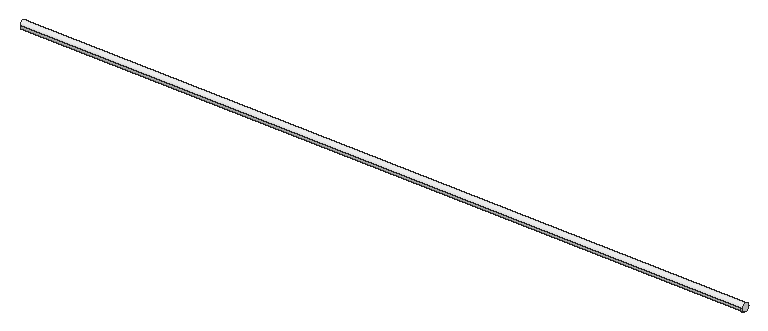
Revit family "QSS+_Шпилька", category Обобщенные модели, Revit 2019
Family settings
  Может служить основой для арматурных стержней = Нет
  Размер круглого соединителя = Использовать диаметр
  Тип детали = Нормальный
  На основе рабочей плоскости = Нет
  Всегда вертикально = Нет
  При загрузке вырезать с полостями = Нет
  Общий = Да
  Точка расчета площади = Нет
Parameters (values of type "QSS+_Шпилька М10_L=2000мм")
  Тип длины [instance] = 2000 mm
  Поиск в таблице имен = "QSS_Шпилька"
  Материал_Корпус = Металл
  L [instance] = 1000 mm
  DN [instance] = 10 mm
  ADSK_Наименование [instance] = size_lookup(Поиск в таблице имен, "ADSK_Наименование", "Нет в каталоге", DN)  # "Шпилька М10"
  ADSK_Масса_Текст [instance] = ""
  ADSK_Масса [instance] = 0
  ADSK_Марка = ""
  ADSK_Код изделия [instance] = size_lookup(Поиск в таблице имен, "ADSK_Код изделия", "Решение не найдено", DN)  # "QSS-SPL-102157"
  ADSK_Завод-изготовитель = "Agpipe"  # constant formula
  ADSK_Единица измерения = "шт."  # constant formula
Types (5, lengths in mm): name | Тип длины | DN | ADSK_Наименование | ADSK_Код изделия
  QSS+_Шпилька М10_L=1000мм | 1000 | 10 | "Шпилька М10" | "QSS-SPL-102157"
  QSS+_Шпилька М10_L=2000мм | 2000 | 10 | "Шпилька М10" | "QSS-SPL-102157"
  QSS+_Шпилька М12_L=1000мм | 1000 | 12 | "Шпилька М12" | "QSS-SPL-102159"
  QSS+_Шпилька М16_L=1000мм | 1000 | 16 | "Шпилька М16" | "QSS-SPL-240985"
  QSS+_Шпилька М20_L=1000мм | 1000 | 20 | "Шпилька М20" | "QSS-SPL-240986"
Reference planes
  plane 1 "По центру (Вперед/Назад)": y = 0
  plane 2: z = 0
  plane 3 "По центру (Влево/Вправо)": x = 0
  plane 4: x = -500
  plane 5: x = 500
Forms (mm)
  Sweep 1, solid, material "Металл" <- "Материал_Корпус"
    path in 3D
      loop
        line (-500, 0, 0) -> (500, 0, 0)
    profile origin (0, 0, 0) x (0, 1, 0) y (0, 0, 1)
      loop
        circle (0, 0) r 5
Lines and regions (mm)
  reference lines
    curve 1: line (-500, 0, 0) -> (500, 0, 0)
  sketch lines
    curve 2: line (-500, 0, 0) -> (500, 0, 0)
Dimensions and locks
  equal spacing: plane 5, plane 3 "По центру (Влево/Вправо)", plane 4
  "L": plane 5 to plane 4
  "DN": diameter of Sweep 1 sketch curve
  aligned and locked: level to plane 2
  aligned and locked: plane 4 to curve 1
  aligned and locked: plane 5 to curve 1
Automatic sketch dimensions
  plane 1 "По центру (Вперед/Назад)" to curve 1 = 0 mm
  Sweep 1 sketch curve to profile plane = 0 mm  (x2)
